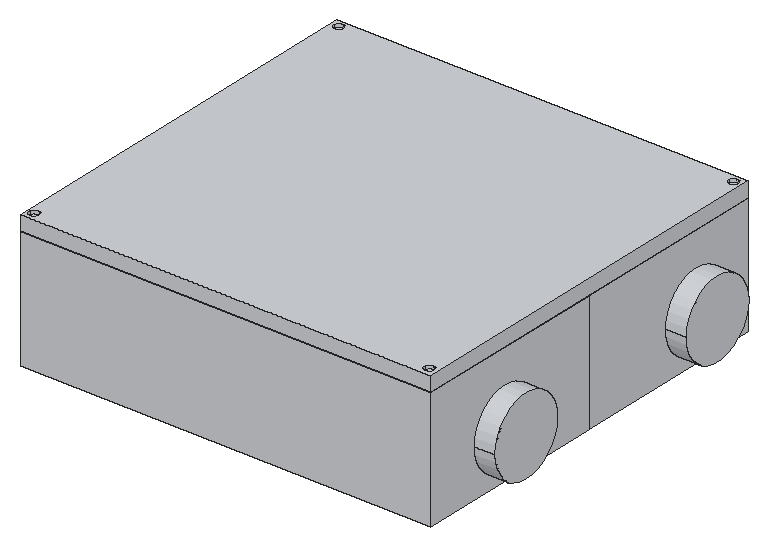
Revit family "Entro DV400", category Mechanical Equipment, Revit 2013
Parameters (values of type "DV300 Entro")
  Width mm = 850 mm
  Warranty = "2 years"
  Voltage Supply      Single Phase = "220-240v AC"
  Summer/Winter by-pass = "Yes"
  Summer by-pass = "Automatic 100%"
  SAP Appendix Q Eligible = "Yes"
  Pre Heater = "Optional 400/700/1700 W"
  Passive House Certified = "Yes"
  Part Number = "90000399"
  Model = "DV400 Entro"
  Meets Building Regulations Approved Document F 2010 = "Yes"
  Max Air Volume  m3/hr = "425"
  Kitchen + 6 wet rooms = "1.27 W/l/s"
  Kitchen + 5 wet rooms = "1.03 W/l/s"
  Kitchen + 4 wet rooms = "0.87 W/l/s"
  Kitchen + 3 wet rooms = "0.71 W/l/s"
  Kitchen + 2 wet rooms = "0.61 W/l/s"
  Kitchen + 1 wet rooms = "0.59 W/l/s"
  IP Rating = "IP20"
  Humidity control (optional) = "Yes"
  Height mm = 820 mm
  Heat Recovery = "<95%"
  Heat Exchanger = "Counterflow"
  Frequency = "50Hz"
  Flow [instance] = 0.0 L/s
  Filter maintenance reminder = "Optional"
  Electronic control panel with LCD display = "Optional"
  EC motor for fine speed control and low SFP = "Yes"
  Duct Connections = "4 x 160mm dia"
  Depth mm = 280 mm
  Control Standard = "Manual Speed"
  Control Optional = "CO2,Humidity,Digital"
  Condensate pipe dia = 14 mm
  Carbon dioxide control (optional) = "Yes"
  Anti frost protection = "Included"
  Air Volume m3/hr@ Pa = "385@100Pa\r\n175@100Pa"
  Air Filters = "2 x G4 or 2 x F7 (optional)"
  After Heater = "Optional 400/700/1700 W"
Reference planes
  plane 1 "Center (Front/Back)": y = 0
  plane 2: z = 0
  plane 3 "Center (Left/Right)": x = 0
  plane 4: y = 410
  plane 5: y = -410
  plane 6: x = -425
  plane 7: x = 425
  plane 8: z = 280
  plane 9: z = 100
  plane 10: x = -470
  plane 11: x = 470
  plane 12: z = 250
  plane 13: z = 247
  plane 14: y = 200
  plane 15: y = -220
  plane 16: y = 275
Forms (mm)
  Extrusion 1, solid
    sketch origin (0, -80, 0) x (1, 0, 0) y (0, 1, 0)
      loop
        line (-425, 490) -> (-425, -330) -> (425, -330) -> (425, 490) -> (-425, 490)
    from 0 to 280
  Extrusion 2, solid
    sketch origin (-425, 150, 0) x (0, 1, 0) y (0, 0, -1)
      loop
        circle (50, -100) r 80
    from 0 to 45
  Extrusion 3, solid
    sketch origin (-425, 150, 0) x (0, 1, 0) y (0, 0, -1)
      loop
        circle (-370, -100) r 80
    from 0 to 45
  Extrusion 4, solid
    sketch origin (425, 250, 0) x (0, -1, 0) y (0, 0, -1)
      loop
        circle (-25, -100) r 80
    from 0 to 45
  Extrusion 5, solid
    sketch origin (425, 250, 0) x (0, -1, 0) y (0, 0, -1)
      loop
        circle (470, -100) r 80
    from 0 to 45
  Extrusion 6, void
    sketch origin (0, -80, 280) x (0, 1, 0) y (1, 0, 0)
      loop
        circle (474, 409) r 10
      loop
        circle (474, -409) r 10
      loop
        circle (-314, 409) r 10
      loop
        circle (-314, -409) r 10
    from 0 to 5
  Extrusion 7, void
    sketch origin (425, -410, 0) x (1, 0, 0) y (0, 0, -1)
      loop
        line (0, -250) -> (0, -247) -> (-850, -247) -> (-850, -250) -> (0, -250)
    from 0 to 3
  Extrusion 8, void
    sketch origin (425, 250, 0) x (0, 1, 0) y (0, 0, -1)
      loop
        line (160, -250) -> (160, -247) -> (-660, -247) -> (-660, -250) -> (160, -250)
    from 0 to 3
  Extrusion 9, void
    sketch origin (-425, 410, 0) x (-1, 0, 0) y (0, 0, -1)
      loop
        line (-850, -250) -> (0, -250) -> (0, -247) -> (-850, -247) -> (-850, -250)
    from 0 to 3
  Extrusion 10, void
    sketch origin (-425, 150, 0) x (0, -1, 0) y (0, 0, -1)
      loop
        line (-260, -250) -> (560, -250) -> (560, -247) -> (-260, -247) -> (-260, -250)
    from 0 to 3
  Extrusion 11, void
    sketch origin (-425, 150, 0) x (0, -1, 0) y (0, 0, -1)
      loop
        line (151.5, -247) -> (151.5, 0) -> (148.5, 0) -> (148.5, -247) -> (151.5, -247)
    from 0 to 3
  Extrusion 12, void
    sketch origin (425, 150, 0) x (0, -1, 0) y (0, 0, 1)
      loop
        line (151.5, 247) -> (148.5, 247) -> (148.5, 0) -> (151.5, 0) -> (151.5, 247)
    from 0 to 3
Cuts and joins
  Extrusion 6, Extrusion 7, Extrusion 8, Extrusion 9, Extrusion 10, Extrusion 11, Extrusion 12 cuts Extrusion 1
Dimensions and locks
  plane 6 to plane 7 = 850 mm
  plane 7 to plane 6 = 850 mm
  plane 9 to level = 100 mm  (x2)
  plane 8 to level = 280 mm  (x2)
  plane 4 to plane 5 = 820 mm
  plane 15 to plane 5 = 190 mm
  plane 4 to plane 14 = 210 mm
  plane 10 to Extrusion 1 = 45 mm
  plane 16 to plane 4 = 135 mm
Connectors
  hvac at (-470, 200, 100)
    settings: on Extrusion 2, index 1, duct flow 0.0 L/s, flow factor 0, pres drop 0.0 Pa, loss coef 0, conn angle 0.00°, conn width 304.8 mm, conn height 304.8 mm, conn radius 80 mm, duct sys type 1, conn prof type 0, flow config 0, flow direction 2, loss method 0, conn ref index -1, conn util no, is conn primary yes, conn desc ""
  hvac at (-470, -220, 100)
    settings: on Extrusion 3, index 2, duct flow 0.0 L/s, flow factor 0, pres drop 0.0 Pa, loss coef 0, conn angle 0.00°, conn width 304.8 mm, conn height 304.8 mm, conn radius 80 mm, duct sys type 2, conn prof type 0, flow config 0, flow direction 1, loss method 0, conn ref index -1, conn util no, is conn primary no, conn desc ""
  hvac at (470, -220, 100)
    settings: on Extrusion 5, index 3, duct flow 0.0 L/s, flow factor 0, pres drop 0.0 Pa, loss coef 0, conn angle 0.00°, conn width 304.8 mm, conn height 304.8 mm, conn radius 80 mm, duct sys type 1, conn prof type 0, flow config 0, flow direction 1, loss method 0, conn ref index -1, conn util no, is conn primary no, conn desc ""
  hvac at (470, 275, 100)
    settings: on Extrusion 4, index 4, duct flow 0.0 L/s, flow factor 0, pres drop 0.0 Pa, loss coef 0, conn angle 0.00°, conn width 304.8 mm, conn height 304.8 mm, conn radius 80 mm, duct sys type 3, conn prof type 0, flow config 0, flow direction 2, loss method 0, conn ref index -1, conn util no, is conn primary no, conn desc ""
